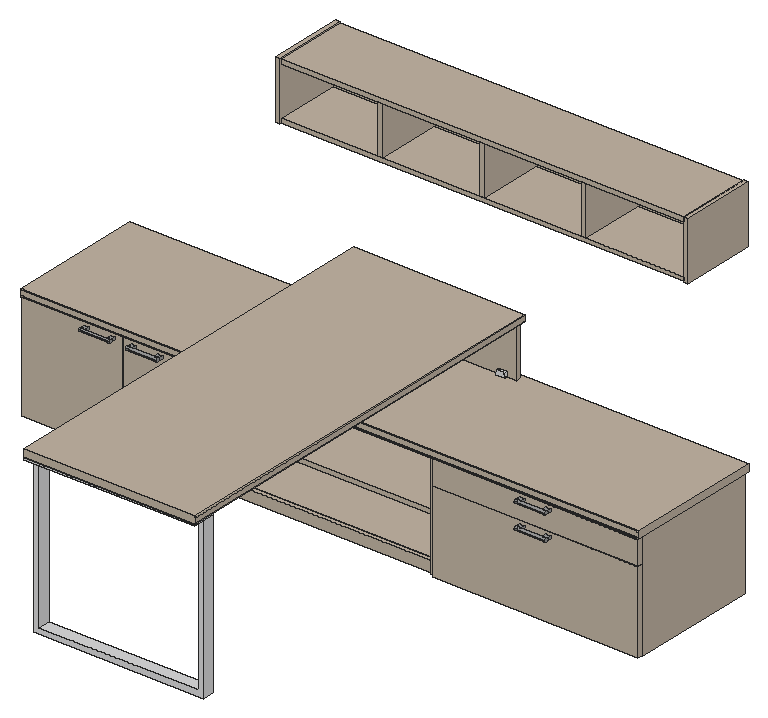
Revit family "JSI-Vision-Typical_Laminate-VST120", category Furniture, Revit 2020
Family settings
  OmniClass Number = 23.40.20.00
  OmniClass Title = General Furniture and Specialties
  Work Plane-Based = No
  Always vertical = Yes
  Cut with Voids When Loaded = No
  Shared = No
  Room Calculation Point = No
Parameters (values of type "VST120")
  URL = "www.jsifurniture.com"
  Type Comments = "Typical Laminate"  # constant formula
  Model = "VST120"
  Manufacturer = "JSI"  # constant formula
  Keynote = "12500"
  Default Elevation = 0"
  Assembly Code = "E2020200"
Reference planes (in)
  plane 1 "Center Front/Back": y = 0
  plane 2: z = 0
  plane 3 "Center Left/Right": x = 0
Dimensions and locks (in)
  aligned and locked: level to plane 2
Nested families (in)
  nested 1: "JSI-Vision-Wall_Mount_Cubby" at (-18.125, 0, -7.83825), type "VST1072WCU, Laminate Wall Mount Cubby 10" x 72""
    with Overall Height 72", Verticall Partition Distance 17 13/16", Ver. Partition Start Distance 17 13/16", Unit Centre 36", Width 72", Overhead Height 0.0696", Height 10.068", Depth 12.996", # of Vertical Partition 3
  nested 2: "JSI-Vision-Rectangle_Desk_Top" at (-15, -72, -1.5685) x (0, 1, 0) z (0, 0, 1), type "VST3072MCT, Laminate Rectangular Desk Top, 30" x 72""
    with Width 72"
  nested 3: "JSI-Vision-Bench_Height_Support_with_Metal_Braces" at (14.96708, -0.8125, 0.4315) x (0, -1, 0) z (0, 0, 1), type "VSTB1030ASP, Vision Bench Height Support with Metal Braces 8 1/2"H, 30"W"
  nested 4: "JSI-Vision-Bench_Height_Modular_Top" at (-54, 0, -0.756), type "VSTB24108MT, Laminate Mod Bench H Top, 24" x 108""
    with Width 108", Depth 24"
  nested 5: "JSI-Vision-Box_File_Modular_Bench_Pedestal" at (18, 0, 0), type "VSTB2436MBF, Laminate BF Modular Bench H Ped"
    with Width 36", Height 18.744", Depth 24"
  nested 6: "JSI-Vision-Hinged_Door_Modular_Bench_Pedestal" at (-54, 0, 0), type "VSTB2436MHD, Laminate 2 Hngd Doors Modular Bench H Ped"
    with Width 36", Height 18.744", Depth 24"
  nested 7: "JSI-Vision-Open_Shelf_Modular_Bench_Pedestal" at (-18, 0, 0), type "VSTB2436MOS, Laminate OS Modular Bench H Ped"
    with Width 36", Height 18.744", Depth 24"
  nested 8: "JSI-Vision-Metal_Rectangular_Base" at (-14.90625, -69, 0) x (0, 1, 0) z (0, 0, 1), type "VSB3028FSQ, Metal Rectangular Base for Peninsula 28 5/16"H"
  nested 9: "JSI-Vision-Support_Rail_Work_Surface" at (-1, -65.57047, 0.61928) x (0, 1, 0) z (0, 0, 1), type "GP0255SB, Metal Support Rail for Work Surface  2W 55 L 3/4H"
Definition of nested family "JSI-Vision-Wall_Mount_Cubby"
  Parameters (values of type "Type Catalog")
    Verticall Partition Distance = if(Width > 47", ((Width - 3/4" - 3/4" - (# of Vertical Partition * 3/4")) / (# of Vertical Partition + 1) + 3/4"), 0")  # 17 3/4"
    Ver. Partition Start Distance = if(Width < 48", (Unit Centre - 3/8"), Verticall Partition Distance)  # 17 3/4"
    Unit Centre = Width / 2  # 27"
    Width = 54"
    URL = "www.jsifurniture.com"
    Type Comments = ""
    Tag = "Open"
    Series = "Vision Casegoods"  # constant formula
    Overhead Height = 1/16"
    Overall Height [instance] = 72"
    Model = "Type Catalog"
    Material = ""
    Manufacturer = "JSI"  # constant formula
    Keynote = "12500"
    JSI Enviromental Website = "http://www.svxfurniture.com/svx_sustainability_intro.php"
    Height = 10"
    Description = "Type Catalog"
    Depth = 13"
    Default Elevation = 0"
    Chassis = none
    Assembly Code = "E2020200"
    # of Vertical Partition = if(Width > 89", 5, (if(Width > 77", 4, (if(Width > 59", 3, (if(Width > 47", 2, 2)))))))  # 2
  Reference planes (in)
    plane 1 "Center Front/Back": y = 0
    plane 2: z = 0
    plane 3 "Center Left/Right": x = 0
    plane 4: z = 0
    plane 5: y = -0.125
    plane 6: x = 54.25
    plane 7: x = 0.125
    plane 8: x = 54.125
    plane 9: y = -13.21875
    plane 10: z = 72
    plane 11: x = 0.875
    plane 12: x = 53.375
    plane 13: y = -0.9375
    plane 14: y = -1.6875
    plane 15: z = 71.1875
    plane 16: z = 61.9375
    plane 17: z = 62.6875
    plane 18: z = 61.90625
    plane 19: z = 66
    plane 20: z = 68.1875
    plane 21: z = 69
    plane 22: x = 1.5
    plane 23: x = 52.75
    plane 24: y = -13.125
    plane 25: x = 27.125
    plane 26: z = 71.9375
    plane 27: z = 71.90625
    plane 28: x = 17.875
    plane 29: x = 18.25
    plane 30: x = 18.625
    plane 31: x = 0.5
    plane 32: x = 53.75
  Forms (in)
    Extrusion 1, solid, material <- "Chassis"
      sketch origin (0, 0, 0) x (1, 0, 0) y (0, 1, 0)
        loop
          line (0.125, -0.125) -> (0.125, -13.21875) -> (0.875, -13.21875) -> (0.875, -0.125) -> (0.125, -0.125)
      from 61.90625 to 72
    Extrusion 2, solid, material <- "Chassis"
      sketch origin (0, 0, 0) x (1, 0, 0) y (0, 1, 0)
        loop
          line (54.125, -0.125) -> (53.375, -0.125) -> (53.375, -13.21875) -> (54.125, -13.21875) -> (54.125, -0.125)
      from 61.90625 to 72
    Extrusion 3, solid, material <- "Chassis"
      sketch origin (0, 0, 0) x (1, 0, 0) y (0, 0, 1)
        loop
          line (0.875, 71.9375) -> (0.875, 71.1875) -> (53.375, 71.1875) -> (53.375, 71.9375) -> (0.875, 71.9375)
      from 0.125 to 13.125
    Extrusion 4, solid, material <- "Chassis"
      sketch origin (0, 0, 0) x (1, 0, 0) y (0, 0, 1)
        loop
          line (0.875, 62.6875) -> (0.875, 61.9375) -> (53.375, 61.9375) -> (53.375, 62.6875) -> (0.875, 62.6875)
      from 1.6875 to 13.125
    Extrusion 5, solid, material <- "Chassis"
      sketch origin (130.61992, -0.9375, 48) x (1, 0, 0) y (0, 0, 1)
        loop
          line (-129.74492, 23.1875) -> (-129.74492, 13.9375) -> (-77.24492, 13.9375) -> (-77.24492, 23.1875) -> (-129.74492, 23.1875)
      from 0 to 0.75
    Extrusion 6, solid, material <- "Chassis"
      sketch origin (1.5, -180, 96) x (0, 0, 1) y (0, -1, 0)
        loop
          line (-24.8125, -179.875) -> (-24.8125, -179.0625) -> (-27, -179.0625) -> (-27.8125, -179.875) -> (-24.8125, -179.875)
      from -0.625 to 51.875
    Extrusion 7, solid, material <- "Chassis"
      sketch origin (1.5, -180, 96) x (0, 0, 1) y (0, -1, 0)
        loop
          line (-27, -179.0625) -> (-30, -179.0625) -> (-30, -179.875) -> (-27.8125, -179.875) -> (-27, -179.0625)
      from 0 to 51.25
    Extrusion 8, solid, material <- "Chassis"
      sketch origin (136.18242, -1.6875, 79.90625) x (1, 0, 0) y (0, 0, 1)
        loop
          line (-118.30742, -8.71875) -> (-118.30742, -17.21875) -> (-117.55742, -17.21875) -> (-117.55742, -8.71875) -> (-118.30742, -8.71875)
      from 0 to 11.4375
    Extrusion 9, solid, material <- "Chassis"
      sketch origin (153.93242, -1.6875, 79.90625) x (1, 0, 0) y (0, 0, 1)
        loop
          line (-118.30742, -8.71875) -> (-118.30742, -17.21875) -> (-117.55742, -17.21875) -> (-117.55742, -8.71875) -> (-118.30742, -8.71875)
      from 0 to 11.4375
  Lines and regions (in)
    symbolic lines
      curve 1: line (54.125, -0.125, 0) -> (0.125, -0.125, 0)
      curve 2: line (0.125, -0.125, 0) -> (0.125, -13.21875, 0)
      curve 3: line (54.125, -13.21875, 0) -> (54.125, -0.125, 0)
      curve 4: line (0.125, -13.21875, 0) -> (54.125, -13.21875, 0)
  Dimensions and locks (in)
    locked: plane 3 "Center Left/Right" to plane 7 at 0.125
    locked: plane 8 to plane 6 at 0.125
    locked: plane 5 to plane 1 "Center Front/Back" at 0.125
    locked: plane 7 to plane 11 at 0.75
    locked: plane 12 to plane 8 at 0.75
    plane 14 to plane 13 to plane 5 = 3/4" locked, 13/16" locked
    plane 10 to plane 26 to plane 15 = 1/16" locked, 3/4" locked
    plane 17 to plane 16 to plane 18 = 3/4" locked, 1/32" locked
    locked: plane 11 to plane 22 at 0.625
    locked: plane 23 to plane 12 at 0.625
    plane 15 to plane 21 to plane 20 to plane 19 = 2 3/16" locked, 13/16" locked, 2 3/16" locked
    locked: plane 9 to plane 24 at 0.09375
    "Depth": plane 24 to plane 5
    "Width": plane 7 to plane 8
    "Unit Centre": plane 7 to plane 25
    locked: plane 10 to plane 27 at 0.09375
    "Height": plane 27 to plane 18
    plane 28 to plane 29 to plane 30 = 3/8" locked, 3/8" locked
    locked: plane 7 to plane 31 at 0.375
    locked: plane 32 to plane 8 at 0.375
    group 1 to group 2 = 17 3/4"
    group 1 to group 2 = 0"  (x2)
    "Verticall Partition Distance": Extrusion 8 to Extrusion 9
    "Ver. Partition Start Distance": plane 11 to plane 30
    "Overall Height": plane 10 to level
    aligned and locked: level to plane 2
    aligned and locked: plane 5 to Extrusion 1 sketch curve
    aligned and locked: plane 7 to Extrusion 1 sketch curve
    aligned and locked: Extrusion 1 sketch curve to plane 11
    aligned and locked: Extrusion 2 sketch curve to plane 5
    aligned and locked: plane 8 to Extrusion 2 sketch curve
    aligned and locked: Extrusion 2 sketch curve to plane 12
    aligned and locked: plane 9 to Extrusion 1
    aligned and locked: plane 9 to Extrusion 2
    aligned and locked: Extrusion 4 sketch curve to plane 17
    aligned and locked: plane 11 to Extrusion 4 sketch curve
    aligned and locked: plane 16 to Extrusion 4 sketch curve
    aligned and locked: Extrusion 4 sketch curve to plane 12
    aligned and locked: Extrusion 4 to plane 14
    aligned and locked: Extrusion 1 to Extrusion 5 sketch curve
    aligned and locked: Extrusion 2 to Extrusion 5 sketch curve
    aligned and locked: Extrusion 1 to plane 18
    aligned and locked: Extrusion 2 to plane 18
    aligned and locked: plane 5 to Extrusion 6 sketch curve
    aligned and locked: Extrusion 6 sketch curve to plane 13
    aligned and locked: Extrusion 6 sketch curve to plane 15
    aligned and locked: plane 20 to Extrusion 6 sketch curve
    aligned and locked: plane 21 to Extrusion 6 sketch curve
    aligned and locked: Extrusion 6 to plane 11
    aligned and locked: plane 12 to Extrusion 6
    aligned and locked: Extrusion 7 sketch curve to Extrusion 6
    aligned and locked: Extrusion 7 sketch curve to plane 5
    aligned and locked: plane 13 to Extrusion 7 sketch curve
    aligned and locked: Extrusion 7 sketch curve to plane 19
    aligned and locked: plane 21 to Extrusion 7 sketch curve
    aligned and locked: plane 20 to Extrusion 7 sketch curve
    aligned and locked: Extrusion 7 to plane 22
    aligned and locked: plane 23 to Extrusion 7
    aligned and locked: plane 9 to nested 1
    aligned and locked: plane 10 to Extrusion 1
    aligned and locked: plane 10 to Extrusion 2
    aligned and locked: plane 26 to Extrusion 3
    aligned and locked: Extrusion 3 to plane 15
    aligned and locked: plane 24 to Extrusion 3
    aligned and locked: plane 24 to Extrusion 4
    aligned and locked: Extrusion 5 to plane 16
    aligned and locked: Extrusion 3 to plane 5
    aligned and locked: Extrusion 8 to plane 14
    aligned and locked: plane 24 to Extrusion 8
    aligned and locked: plane 30 to Extrusion 8
    aligned and locked: Extrusion 8 to plane 28
    aligned and locked: plane 15 to Extrusion 8
    aligned and locked: plane 15 to Extrusion 9
    aligned and locked: plane 25 to nested 1
  Automatic sketch dimensions
    Extrusion 3 sketch curve to plane 8 = 3/4"
    Extrusion 3 sketch curve to plane 15 = 0"
    plane 9 to Extrusion 2 sketch curve = 0"
    plane 9 to Extrusion 1 sketch curve = 0"
    curve 2 to plane 7 = 0"
    plane 5 to curve 3 = 0"
    curve 3 to plane 8 = 0"
    plane 9 to curve 4 = 0"
    plane 7 to Extrusion 3 sketch curve = 3/4"
    plane 15 to Extrusion 5 sketch curve = 0"
    Extrusion 3 sketch curve to plane 10 = 1/16"
    Extrusion 8 sketch curve to Extrusion 8 sketch curve = 3/4"
    Extrusion 8 sketch curve to Extrusion 8 sketch curve = 8 1/2"
    Extrusion 9 sketch curve to Extrusion 9 sketch curve = 3/4"
    Extrusion 9 sketch curve to Extrusion 9 sketch curve = 8 1/2"
    Extrusion 5 sketch curve to plane 16 = 0"
  Nested families (in)
    nested 1: "Label 1-16 OH" at (27.125, -13.21875, 0), type "OH DOORS"
  Definition of nested family "Label 1-16 OH"
    Parameters
      Width = 1"
      Model Name = "XX"
    Reference planes (in)
      plane 1: y = 0
      plane 2: x = 0
    Text (in)
      label "XX" at (0.00051, -0.12324, 0), shows "Model Name"
Definition of nested family "JSI-Vision-Rectangle_Desk_Top"
  Parameters (values of type "Type Catalog")
    Worksurface = none
    Width = 42"
    URL = "www.jsifurniture.com"
    Type Comments = ""
    Series = "Vision Casegoods"  # constant formula
    Model = "Type Catalog"
    Material = ""
    Manufacturer = "JSI"  # constant formula
    Keynote = "12500"
    JSI Enviromental Website = "http://www.jsifurniture.com/jsi_sustainability_intro.php"
    Height = 30"
    Description = "Type Catalog"
    Depth = 30"
    Default Elevation = 0"
    Assembly Code = "E2020200"
  Reference planes (in)
    plane 1 "Center Front/Back": y = 0
    plane 2: z = 0
    plane 3 "Center Left/Right": x = 0
    plane 4: z = 0
    plane 5: x = 42
    plane 6: y = -30
    plane 7: z = 31.1875
    plane 8: z = 30
  Forms (in)
    Extrusion 1, solid, material <- "Worksurface"
      sketch origin (0, 0, 28) x (0, 1, 0) y (0, 0, 1)
        loop
          line (-29.88189, 2) -> (0, 2) -> (0, 3.1875) -> (-29.88189, 3.1875)
          arc (-29.88189, 3.1875) -> (-29.96541, 3.15291) -> (-30, 3.06939) r 0.11811
          line (-30, 3.06939) -> (-30, 2.11811)
          arc (-30, 2.11811) -> (-29.96541, 2.03459) -> (-29.88189, 2) r 0.11811
      from 0 to 42
  Lines and regions (in)
    symbolic lines
      curve 1: line (0, 0, 0) -> (42, 0, 0)
      curve 2: line (0, -30, 0) -> (0, 0, 0)
      curve 3: line (42, -30, 0) -> (0, -30, 0)
      curve 4: line (42, 0, 0) -> (42, -30, 0)
  Dimensions and locks (in)
    "Depth": plane 6 to plane 1 "Center Front/Back"
    "Width": plane 5 to plane 3 "Center Left/Right"
    locked: plane 7 to plane 8 at 1.1875
    "Height": plane 8 to level
    aligned and locked: level to plane 2
    aligned and locked: plane 5 to Extrusion 1
    aligned and locked: curve 1 to Extrusion 1
    aligned and locked: curve 2 to Extrusion 1
    aligned and locked: plane 6 to curve 3
    aligned and locked: curve 4 to plane 5
    aligned and locked: Extrusion 1 to plane 8
    aligned and locked: Extrusion 1 to plane 7
  Automatic sketch dimensions
    Extrusion 1 sketch curve to plane 6 = 0"
    level to Extrusion 1 sketch curve = 30"
    Extrusion 1 sketch curve to plane 7 = 0"
    Extrusion 1 sketch curve to plane 1 "Center Front/Back" = 0"
    Extrusion 1 sketch curve to Extrusion 1 sketch curve = 0.11811"
    plane 6 to Extrusion 1 sketch curve = 0.11811"
Definition of nested family "JSI-Vision-Bench_Height_Support_with_Metal_Braces"
  Parameters (values of type "VSVB1030ASP, Vision Bench Height Support with Metal Braces 8 1/2"H, 30"W")
    Width = 30"
    URL = "www.jsifurniture.com"
    Type Comments = ""
    Support Wood Finish = none
    Series = "Vision Casegoods"  # constant formula
    Model = "VSVB1030ASP"
    Material = ""
    Manufacturer = "JSI"  # constant formula
    Keynote = "12500"  # constant formula
    JSI Enviromental Website = "http://www.jsifurniture.com/jsi_sustainability_intro.php"
    Height = 8 1/2"
    Hardware Finish = none
    Description = "Vision Bench Height Support Venner with Metal Braces -  3/4\"D x 30\"W x 8 1/2\"H"
    Depth = 3/4"
    Default Elevation = 0"
    Braces Finish = none
    Assembly Code = "E2020200"
  Types (4): name | Width | Model | Description
    VSTB1030ASP, Vision Bench Height Support with Metal Braces 8 1/2"H, 30"W | 30" | "VSTB1030ASP" | "Vision Bench Height Support Laminate with Metal Braces -  3/4\"D x 30\"W x 8 1/2\"H"
    VSTB1024ASP, Vision Bench Height Support with Metal Braces 8 1/2"H, 30"W | 24" | "VSTB1024ASP" | "Vision Bench Height Support Laminate with Metal Braces -  3/4\"D x 24\"W x 8 1/2\"H"
    VSVB1024ASP, Vision Bench Height Support with Metal Braces 8 1/2"H, 30"W | 24" | "VSVB1024ASP" | "Vision Bench Height Support Venner with Metal Braces -  3/4\"D x 24\"W x 8 1/2\"H"
    VSVB1030ASP, Vision Bench Height Support with Metal Braces 8 1/2"H, 30"W | 30" | "VSVB1030ASP" | "Vision Bench Height Support Venner with Metal Braces -  3/4\"D x 30\"W x 8 1/2\"H"
  Reference planes (in)
    plane 1 "Center Front/Back": y = 0
    plane 2: z = 0
    plane 3 "Center Left/Right": x = 0
    plane 4: z = 0
    plane 5: z = 19.5
    plane 6: z = 28
    plane 7: x = 0.75
    plane 8: y = -30
    plane 9: y = -15
    plane 10: y = -15
  Forms (in)
    Extrusion 1, solid, material <- "Support Wood Finish"
      sketch origin (0, 0, 0) x (1, 0, 0) y (0, 1, 0)
        loop
          line (0, -0.1875) -> (0, -29.8125) -> (0.75, -29.8125) -> (0.75, -0.1875) -> (0, -0.1875)
      from 19.5 to 28
    Extrusion 2, solid, material <- "Hardware Finish"
      sketch origin (0, 0, 0) x (0, 1, 0) y (0, 0, 1)
        loop
          arc (-1.86564, 19.52497) -> (-1.84252, 19.53472) -> (-1.83336, 19.55808) r 0.03229
          arc (-1.83336, 19.55808) -> (-1.86769, 19.88335) -> (-1.95317, 20.19905) r 2.05609
          arc (-1.95317, 20.19905) -> (-2.03253, 20.3101) -> (-2.15839, 20.36291) r 0.25
          arc (-2.15839, 20.36291) -> (-2.62208, 20.39096) -> (-3.08578, 20.36291) r 3.84687
          arc (-3.08578, 20.36291) -> (-3.21163, 20.3101) -> (-3.29099, 20.19905) r 0.25
          arc (-3.29099, 20.19905) -> (-3.37647, 19.88335) -> (-3.4108, 19.55808) r 2.05609
          arc (-3.4108, 19.55808) -> (-3.40165, 19.53472) -> (-3.37853, 19.52497) r 0.03229
          line (-3.37853, 19.52497) -> (-1.86564, 19.52497)
        loop
          line (-28.13436, 19.52497) -> (-26.62147, 19.52497)
          arc (-26.62147, 19.52497) -> (-26.59835, 19.53472) -> (-26.5892, 19.55808) r 0.03229
          arc (-26.5892, 19.55808) -> (-26.62353, 19.88335) -> (-26.70901, 20.19905) r 2.05609
          arc (-26.70901, 20.19905) -> (-26.78837, 20.3101) -> (-26.91422, 20.36291) r 0.25
          arc (-26.91422, 20.36291) -> (-27.37792, 20.39096) -> (-27.84161, 20.36291) r 3.84687
          arc (-27.84161, 20.36291) -> (-27.96747, 20.3101) -> (-28.04683, 20.19905) r 0.25
          arc (-28.04683, 20.19905) -> (-28.13231, 19.88335) -> (-28.16664, 19.55808) r 2.05609
          arc (-28.16664, 19.55808) -> (-28.15748, 19.53472) -> (-28.13436, 19.52497) r 0.03229
      from 0.75 to 1.30712
    Extrusion 3, solid, material <- "Braces Finish"
      sketch origin (0, 0, 0) x (0, 1, 0) y (0, 0, 1)
        loop
          line (-10.4375, 25.78125) -> (-10.4375, 27.875)
          arc (-10.4375, 27.875) -> (-10.47411, 27.96339) -> (-10.5625, 28) r 0.125
          line (-10.5625, 28) -> (-11.3125, 28) -> (-11.3125, 27.943) -> (-10.55504, 27.943)
          arc (-10.55504, 27.943) -> (-10.51223, 27.92527) -> (-10.4945, 27.88246) r 0.06054
          line (-10.4945, 27.88246) -> (-10.4945, 25.78125) -> (-10.4375, 25.78125)
        loop
          line (-19.5625, 25.78125) -> (-19.5055, 25.78125) -> (-19.5055, 27.88246)
          arc (-19.5055, 27.88246) -> (-19.48777, 27.92527) -> (-19.44496, 27.943) r 0.06054
          line (-19.44496, 27.943) -> (-18.6875, 27.943) -> (-18.6875, 28) -> (-19.4375, 28)
          arc (-19.4375, 28) -> (-19.52589, 27.96339) -> (-19.5625, 27.875) r 0.125
          line (-19.5625, 27.875) -> (-19.5625, 25.78125)
      from 0.75 to 2.96875
    Extrusion 4, solid, material <- "Braces Finish"
      sketch origin (0, 0, 0) x (1, 0, 0) y (0, 1, 0)
        loop
          line (0.807, -10.4945) -> (0.75, -10.4945) -> (0.75, -11.3125) -> (0.807, -11.3125) -> (0.807, -10.4945)
        loop
          line (0.807, -19.5055) -> (0.807, -18.6875) -> (0.75, -18.6875) -> (0.75, -19.5055) -> (0.807, -19.5055)
      from 25.78125 to 27.75
    Extrusion 5, void
      sketch origin (0, 3, 0) x (1, 0, 0) y (0, 0, 1)
        loop
          line (2.96875, 28) -> (0.75, 25.78125) -> (0.75, 25.71714) -> (3.02938, 25.71714) -> (3.02938, 28) -> (2.96875, 28)
      from 12.98977 to 14.8125
    Extrusion 6, void
      sketch origin (0, -27, 0) x (1, 0, 0) y (0, 0, -1)
        loop
          line (2.96875, -28) -> (3.02938, -28) -> (3.02938, -25.71714) -> (0.75, -25.71714) -> (0.75, -25.78125) -> (2.96875, -28)
      from 6.98977 to 8.8125
  Cuts and joins
    Extrusion 5, Extrusion 6 cuts Extrusion 3
    joined: Extrusion 3, Extrusion 4
  Lines and regions (in)
    symbolic lines
      curve 1: line (0, -0.1875, 0) -> (0.75, -0.1875, 0)
      curve 2: line (0, -29.8125, 0) -> (0, -0.1875, 0)
      curve 3: line (0.75, -29.8125, 0) -> (0, -29.8125, 0)
      curve 4: line (0.75, -0.1875, 0) -> (0.75, -29.8125, 0)
      curve 5: line (0.75, -1.83336, 0) -> (1.30712, -1.83336, 0)
      curve 6: line (1.30712, -1.83336, 0) -> (1.30712, -3.4108, 0)
      curve 7: line (1.30712, -3.4108, 0) -> (0.75, -3.4108, 0)
      curve 8: line (0.75, -26.5892, 0) -> (1.30712, -26.5892, 0)
      curve 9: line (1.30712, -26.5892, 0) -> (1.30712, -28.16665, 0)
      curve 10: line (1.30712, -28.16665, 0) -> (0.75, -28.16665, 0)
      curve 11: line (2.96875, -18.6875, 0) -> (0.75, -18.6875, 0)
      curve 12: line (2.96875, -19.44805, 0) -> (2.96875, -18.6875, 0)
      curve 13: spline (2.84403, -19.5599, 0) -> (2.8574, -19.56165, 0) -> (2.87081, -19.56114, 0) -> (2.88409, -19.55836, 0) -> (2.89704, -19.55337, 0) -> (2.90947, -19.54623, 0) -> (2.92122, -19.53704, 0) -> (2.9321, -19.52593, 0) -> (2.94197, -19.51307, 0) -> (2.95069, -19.49864, 0) -> (2.95812, -19.48284, 0) -> (2.96417, -19.46589, 0) -> (2.96875, -19.44805, 0)
      curve 14: line (0.75, -19.5625, 0) -> (2.84375, -19.5625, 0)
      curve 15: line (2.84375, -10.4375, 0) -> (0.75, -10.4375, 0)
      curve 16: spline (2.96875, -10.55195, 0) -> (2.96417, -10.53411, 0) -> (2.95812, -10.51716, 0) -> (2.95069, -10.50136, 0) -> (2.94197, -10.48693, 0) -> (2.9321, -10.47407, 0) -> (2.92122, -10.46296, 0) -> (2.90947, -10.45377, 0) -> (2.89704, -10.44663, 0) -> (2.88409, -10.44164, 0) -> (2.87081, -10.43886, 0) -> (2.8574, -10.43835, 0) -> (2.84403, -10.4401, 0)
      curve 17: line (2.96875, -11.3125, 0) -> (2.96875, -10.55195, 0)
      curve 18: line (0.75, -11.3125, 0) -> (2.96875, -11.3125, 0)
  Dimensions and locks (in)
    "Depth": plane 3 "Center Left/Right" to plane 7
    "Width": plane 1 "Center Front/Back" to plane 8
    locked: Extrusion 1 sketch curve to plane 1 "Center Front/Back" at 0.1875
    locked: Extrusion 1 sketch curve to plane 8 at 0.1875
    "Height": plane 6 to plane 5
    locked: plane 5 to plane 4 at 19.5
    plane 1 "Center Front/Back" to Extrusion 2 sketch curve to Extrusion 2 sketch curve to Extrusion 2 sketch curve to Extrusion 2 sketch curve to Extrusion 2 sketch curve to Extrusion 2 sketch curve to Extrusion 2 sketch curve = 1.35538" locked, 0.51026" locked, 0.32289" locked, 0.43356" locked, 0.43356" locked, 0.32289" locked, 0.51026" locked
    Extrusion 2 sketch curve to Extrusion 2 sketch curve to Extrusion 2 sketch curve to plane 5 to Extrusion 2 sketch curve = 0.55747" locked, 0.05169" locked, 0.00556" locked, 2.95591" locked  (x2)
    Extrusion 2 sketch curve to Extrusion 2 sketch curve to Extrusion 2 sketch curve to Extrusion 2 sketch curve to Extrusion 2 sketch curve to Extrusion 2 sketch curve to Extrusion 2 sketch curve to plane 8 = 0.51026" locked, 0.32289" locked, 0.43356" locked, 0.43356" locked, 0.32289" locked, 0.51026" locked, 1.35538" locked
    locked: Extrusion 2 to plane 7 at 0.55712
    locked: Extrusion 3 to plane 7 at 2.21875
    locked: Extrusion 1 to Extrusion 4 sketch curve at 0.057
    Extrusion 3 sketch curve to Extrusion 3 sketch curve to Extrusion 3 sketch curve to plane 10 to Extrusion 3 sketch curve to Extrusion 3 sketch curve to Extrusion 3 sketch curve = 0.057" locked, 0.818" locked, 3 11/16" locked, 3 11/16" locked, 0.818" locked, 0.057" locked
    plane 6 to Extrusion 3 sketch curve to Extrusion 3 sketch curve = 0.057" locked, 2.16175" locked
    Extrusion 4 sketch curve to Extrusion 4 sketch curve to plane 9 to Extrusion 4 sketch curve to Extrusion 4 sketch curve = 0.818" locked, 3 11/16" locked, 3 11/16" locked, 0.818" locked
    equal spacing: plane 8, plane 9, plane 1 "Center Front/Back"
    equal spacing: plane 8, plane 10, plane 1 "Center Front/Back"
    Extrusion 5 to Extrusion 5 to plane 10 to Extrusion 6 to Extrusion 6 = 1.82273" locked, 3 3/16" locked, 3 3/16" locked, 1.82273" locked
    aligned and locked: level to plane 2
    aligned and locked: plane 3 "Center Left/Right" to Extrusion 1 sketch curve
    aligned and locked: plane 7 to Extrusion 1 sketch curve
    aligned and locked: plane 6 to Extrusion 1
    aligned and locked: Extrusion 1 to plane 5
    aligned and locked: plane 7 to Extrusion 2
    aligned and locked: plane 7 to Extrusion 3
    aligned and locked: Extrusion 4 sketch curve to Extrusion 1
    aligned and locked: Extrusion 4 to Extrusion 3
    aligned and locked: plane 6 to Extrusion 3 sketch curve
    aligned and locked: Extrusion 3 sketch curve to plane 6
    aligned and locked: Extrusion 3 sketch curve to Extrusion 3 sketch curve
    aligned and locked: curve 1 to Extrusion 1
    aligned and locked: curve 2 to Extrusion 1
    aligned and locked: curve 3 to Extrusion 1
    aligned and locked: curve 4 to Extrusion 1
    aligned and locked: curve 11 to cut or joined group of Extrusion 3, Extrusion 4, Extrusion 5, Extrusion 6
    aligned and locked: curve 14 to cut or joined group of Extrusion 3, Extrusion 4, Extrusion 5, Extrusion 6
    aligned and locked: cut or joined group of Extrusion 3, Extrusion 4, Extrusion 5, Extrusion 6 to curve 15
    aligned and locked: curve 18 to cut or joined group of Extrusion 3, Extrusion 4, Extrusion 5, Extrusion 6
  Automatic sketch dimensions
    curve 8 to curve 9 = 0.55712"
    curve 7 to curve 7 = 0.55712"
    curve 11 to curve 11 = 2 7/32"
    curve 3 to curve 10 = 1.64585"
    curve 9 to curve 8 = 1.57745"
    curve 14 to curve 12 = 0.11445"
    curve 17 to curve 15 = 0.11445"
    curve 7 to curve 1 = 3.2233"
    curve 6 to curve 5 = 1.57744"
    curve 14 to curve 12 = 1/8"
    curve 15 to curve 16 = 1/8"
    curve 14 to curve 13 = 0.00028"
    curve 15 to curve 16 = 0.00028"
    curve 16 to curve 16 = 0.01703"
    curve 13 to curve 13 = 0.01703"
    curve 14 to curve 13 = 0.00076"
    curve 14 to curve 13 = 0.0026"
    curve 16 to curve 16 = 0.04517"
    curve 16 to curve 15 = 0.0026"
    plane 5 to Extrusion 2 sketch curve = 0.00556"  (x2)
    plane 5 to Extrusion 2 sketch curve = 0.02497"  (x2)
    Extrusion 2 sketch curve to Extrusion 2 sketch curve = 0.03229"  (x2)
    plane 5 to Extrusion 2 sketch curve = 0.61473"  (x2)
    Extrusion 2 sketch curve to Extrusion 2 sketch curve = 0"  (x10)
    Extrusion 3 sketch curve to plane 6 = 0.057"
    Extrusion 3 sketch curve to Extrusion 3 sketch curve = 0.06054"
    Extrusion 3 sketch curve to Extrusion 3 sketch curve = 0.00746"  (x2)
    Extrusion 3 sketch curve to Extrusion 3 sketch curve = 0.068"
    Extrusion 4 sketch curve to plane 7 = 0"
    Extrusion 4 sketch curve to plane 7 = 0.057"
    plane 7 to Extrusion 5 sketch curve = 0"
    Extrusion 5 sketch curve to plane 6 = 0"
    Extrusion 5 sketch curve to plane 7 = 2 7/32"
    Extrusion 5 sketch curve to Extrusion 5 sketch curve = 0.06063"
    Extrusion 5 sketch curve to plane 6 = 2 7/32"
    Extrusion 5 sketch curve to Extrusion 5 sketch curve = 0.06411"
    plane 7 to Extrusion 6 sketch curve = 0"
    Extrusion 6 sketch curve to plane 6 = 0"
    Extrusion 6 sketch curve to plane 7 = 2 7/32"
    Extrusion 6 sketch curve to Extrusion 6 sketch curve = 0.06063"
    Extrusion 6 sketch curve to plane 6 = 2 7/32"
    Extrusion 6 sketch curve to Extrusion 6 sketch curve = 0.06411"
    curve 18 to curve 17 = 2 7/32"
Definition of nested family "JSI-Vision-Bench_Height_Modular_Top"
  Parameters (values of type "Type Catalog")
    Worksurface = none
    Width = 42"
    URL = "www.jsifurniture.com"
    Type Comments = ""
    Series = "Vision Casegoods"  # constant formula
    Model = "Type Catalog"
    Material = ""
    Manufacturer = "JSI"  # constant formula
    Keynote = "12500"
    JSI Enviromental Website = "http://www.jsifurniture.com/jsi_sustainability_intro.php"
    Height = 19 1/2"
    Description = "Type Catalog"
    Depth = 30"
    Default Elevation = 0"
    Assembly Code = "E2020200"
  Reference planes (in)
    plane 1 "Center Front/Back": y = 0
    plane 2: z = 0
    plane 3 "Center Left/Right": x = 0
    plane 4: z = 0
    plane 5: x = 42
    plane 6: y = -30
    plane 7: z = 20.6875
    plane 8: z = 19.5
  Forms (in)
    Extrusion 1, solid, material <- "Worksurface"
      sketch origin (0, 0, 28) x (0, 1, 0) y (0, 0, 1)
        loop
          line (-29.88189, -8.5) -> (0, -8.5) -> (0, -7.3125) -> (-29.88189, -7.3125)
          arc (-29.88189, -7.3125) -> (-29.96541, -7.34709) -> (-30, -7.43061) r 0.11811
          line (-30, -7.43061) -> (-30, -8.38189)
          arc (-30, -8.38189) -> (-29.96541, -8.46541) -> (-29.88189, -8.5) r 0.11811
      from 0 to 42
  Lines and regions (in)
    symbolic lines
      curve 1: line (0, 0, 0) -> (42, 0, 0)
      curve 2: line (0, -30, 0) -> (0, 0, 0)
      curve 3: line (42, -30, 0) -> (0, -30, 0)
      curve 4: line (42, 0, 0) -> (42, -30, 0)
  Dimensions and locks (in)
    "Depth": plane 6 to plane 1 "Center Front/Back"
    "Width": plane 5 to plane 3 "Center Left/Right"
    locked: plane 7 to plane 8 at 1.1875
    "Height": plane 8 to level
    aligned and locked: level to plane 2
    aligned and locked: plane 5 to Extrusion 1
    aligned and locked: curve 1 to Extrusion 1
    aligned and locked: curve 2 to Extrusion 1
    aligned and locked: plane 6 to curve 3
    aligned and locked: curve 4 to plane 5
    aligned and locked: Extrusion 1 to plane 8
    aligned and locked: Extrusion 1 to plane 7
  Automatic sketch dimensions
    Extrusion 1 sketch curve to plane 6 = 0"
    level to Extrusion 1 sketch curve = 19 1/2"
    Extrusion 1 sketch curve to plane 7 = 0"
    Extrusion 1 sketch curve to plane 1 "Center Front/Back" = 0"
    Extrusion 1 sketch curve to Extrusion 1 sketch curve = 0.11811"
    plane 6 to Extrusion 1 sketch curve = 0.11811"
Definition of nested family "JSI-Vision-Box_File_Modular_Bench_Pedestal"
  Parameters (values of type "Type Catalog")
    Width = 18"
    URL = "www.jsifurniture.com"
    Top = none
    Tag = "BF"
    Series = "Vision Casegoods"  # constant formula
    Pull Finish = none
    Model = "Type Catalog"
    Manufacturer = "JSI"  # constant formula
    Keynote = "12500"
    JSI Enviromental Website = "http://www.jsifurniture.com/jsi_sustainability_intro.php"
    Height = 18 3/4"
    Description = "Type Catalog"
    Depth = 18"
    Default Elevation = 0"
    Chassis = none
    Drawer Front = none
    Assembly Code = "E2020200"
  Reference planes (in)
    plane 1 "Center Front/Back": y = 0
    plane 2: z = 0
    plane 3 "Center Left/Right": x = 0
    plane 4: x = 18
    plane 5: y = -17.12
    plane 6: y = -17.25
    plane 7: x = 0.0625
    plane 8: x = 17.9375
    plane 9: y = -18
    plane 10: z = 0.14
    plane 11: z = 14.3909
    plane 12: z = 14.5159
    plane 13: x = 0.75
    plane 14: x = 17.25
    plane 15: y = -0.75
    plane 16: y = -16.37913
    plane 17: x = 9
    plane 18: z = 18.75
    plane 19: z = 18.6409
    plane 20: z = 18
  Forms (in)
    Extrusion 1, solid, material <- "Chassis"
      sketch origin (0.125, -0.1875, 48) x (0, 1, 0) y (0, 0, 1)
        loop
          line (-0.5625, -29.25) -> (-16.9325, -29.25) -> (-16.9325, -48) -> (-0.5625, -48) -> (-0.5625, -29.25)
      from -0.125 to 0.625
    Extrusion 2, solid, material <- "Chassis"
      sketch origin (29.875, -0.1875, 48) x (0, 1, 0) y (0, 0, 1)
        loop
          line (-0.5625, -29.25) -> (-16.9325, -29.25) -> (-16.9325, -48) -> (-0.5625, -48) -> (-0.5625, -29.25)
      from -12.625 to -11.875
    Extrusion 3, solid, material <- "Drawer Front"
      sketch origin (0, 0, 0) x (1, 0, 0) y (0, 0, 1)
        loop
          line (0.0625, 18.6409) -> (0.0625, 14.5159) -> (17.9375, 14.5159) -> (17.9375, 18.6409) -> (0.0625, 18.6409)
        loop
          line (0.0625, 14.3909) -> (0.0625, 0.14) -> (17.9375, 0.14) -> (17.9375, 14.3909) -> (0.0625, 14.3909)
      from 17.25 to 18
    Extrusion 4, solid, material <- "Chassis"
      sketch origin (0, 0, 0) x (1, 0, 0) y (0, 1, 0)
        loop
          line (0.75, -16.37913) -> (0.75, -17.12) -> (17.25, -17.12) -> (17.25, -16.37913) -> (0.75, -16.37913)
      from 0 to 1.9375
    Extrusion 5, solid, material <- "Top"
      sketch origin (0, 0, 0) x (0, 1, 0) y (0, 0, 1)
        loop
          line (-1.5, 18.75) -> (-17.12, 18.75) -> (-17.12, 18) -> (-1.5, 18) -> (-1.5, 18.75)
      from 0.75 to 17.25
    Extrusion 6, solid, material <- "Chassis"
      sketch origin (0, 0, 0) x (0, 1, 0) y (0, 0, 1)
        loop
          line (-1.5, 13.75) -> (-0.75, 13.75) -> (-0.75, 18.75) -> (-1.5, 18.75) -> (-1.5, 13.75)
        loop
          line (-1.5, 0) -> (-0.75, 0) -> (-0.75, 5) -> (-1.5, 5) -> (-1.5, 0)
      from 0.75 to 17.25
  Lines and regions (in)
    symbolic lines
      curve 1: line (0, 0, 0) -> (18, 0, 0)
      curve 2: line (0, -17.12, 0) -> (0, 0, 0)
      curve 3: line (18, -17.12, 0) -> (0, -17.12, 0)
      curve 4: line (18, 0, 0) -> (18, -17.12, 0)
      curve 5: line (0.0625, -17.25, 0) -> (17.9375, -17.25, 0)
      curve 6: line (0.0625, -18, 0) -> (0.0625, -17.25, 0)
      curve 7: line (17.9375, -18, 0) -> (0.0625, -18, 0)
      curve 8: line (17.9375, -17.25, 0) -> (17.9375, -18, 0)
  Dimensions and locks (in)
    plane 16 to plane 5 to plane 6 to plane 9 = 0.74087" locked, 0.13" locked, 3/4" locked
    "Depth": plane 1 "Center Front/Back" to plane 9
    locked: plane 19 to plane 18 at 0.1091
    "Width": plane 3 "Center Left/Right" to plane 4
    equal spacing: plane 3 "Center Left/Right", plane 17, plane 4
    plane 1 "Center Front/Back" to plane 15 = 3/4"
    "Height": plane 18 to level
    locked: plane 18 to plane 20 at 0.75
    locked: plane 12 to plane 11 at 0.125
    plane 19 to plane 12 to plane 10 to plane 2 = 4 1/8" locked, 14.3759" locked, 0.14" locked
    plane 3 "Center Left/Right" to plane 7 to plane 13 = 1/16" locked, 11/16" locked
    plane 14 to plane 8 to plane 4 = 11/16" locked, 1/16" locked
    locked: Extrusion 6 sketch curve to plane 2 at 5
    locked: Extrusion 6 sketch curve to plane 18 at 5
    locked: plane 15 to Extrusion 6 sketch curve at 0.75
    locked: Extrusion 3 to nested 2 at 0.75
    locked: Extrusion 3 to nested 1 at 0.75
    aligned and locked: level to plane 2
    aligned and locked: plane 15 to Extrusion 1 sketch curve
    aligned and locked: Extrusion 1 sketch curve to plane 5
    aligned and locked: Extrusion 1 sketch curve to level
    aligned and locked: plane 13 to Extrusion 1
    aligned and locked: Extrusion 2 sketch curve to plane 15
    aligned and locked: level to Extrusion 2 sketch curve
    aligned and locked: plane 5 to Extrusion 2 sketch curve
    aligned and locked: Extrusion 3 sketch curve to plane 7  (x2)
    aligned and locked: plane 8 to Extrusion 3 sketch curve  (x2)
    aligned and locked: plane 12 to Extrusion 3 sketch curve
    aligned and locked: Extrusion 3 sketch curve to plane 11
    aligned and locked: plane 10 to Extrusion 3 sketch curve
    aligned and locked: Extrusion 3 to plane 9
    aligned and locked: plane 6 to Extrusion 3
    aligned and locked: Extrusion 4 sketch curve to plane 16
    aligned and locked: plane 13 to Extrusion 4 sketch curve
    aligned and locked: nested 1 to plane 9
    aligned and locked: nested 2 to plane 9
    aligned and locked: nested 2 to plane 17
    aligned and locked: nested 1 to plane 17
    aligned and locked: plane 17 to nested 3
    aligned and locked: nested 3 to plane 9
    aligned and locked: plane 18 to Extrusion 2
    aligned and locked: plane 18 to Extrusion 1
    aligned and locked: plane 19 to Extrusion 3 sketch curve
    aligned and locked: Extrusion 1 to plane 3 "Center Left/Right"
    aligned and locked: plane 3 "Center Left/Right" to curve 2
    aligned and locked: plane 1 "Center Front/Back" to curve 1
    aligned and locked: plane 4 to Extrusion 2
    aligned and locked: curve 4 to plane 4
    aligned and locked: Extrusion 5 sketch curve to plane 18
    aligned and locked: Extrusion 2 to plane 14
    aligned and locked: Extrusion 5 to plane 5
    aligned and locked: plane 14 to Extrusion 5
    aligned and locked: Extrusion 6 sketch curve to Extrusion 6 sketch curve  (x2)
    aligned and locked: plane 15 to Extrusion 6 sketch curve
    aligned and locked: plane 18 to Extrusion 6 sketch curve
    aligned and locked: Extrusion 6 sketch curve to plane 2
    aligned and locked: Extrusion 6 to Extrusion 5 sketch curve
    aligned and locked: Extrusion 6 to plane 13
    aligned and locked: plane 14 to Extrusion 6
  Automatic sketch dimensions
    Extrusion 4 sketch curve to plane 5 = 0"
    Extrusion 4 sketch curve to plane 14 = 0"
    curve 6 to plane 6 = 0"
    curve 6 to plane 7 = 0"
    curve 5 to plane 8 = 0"
    curve 6 to plane 9 = 0"
    curve 2 to plane 5 = 0"
    Extrusion 1 sketch curve to plane 18 = 0"
    Extrusion 2 sketch curve to plane 18 = 0"
    Extrusion 5 sketch curve to Extrusion 5 sketch curve = 3/4"
    plane 9 to Extrusion 5 sketch curve = 0.88"
  Nested families (in)
    nested 1: "Bar Pull" at (9, -18, 13.6409), Pull Finish <- "Pull Finish", type "PL"
      with Pull Finish none
    nested 2: "Bar Pull" at (9, -18, 17.8909), Pull Finish <- "Pull Finish", type "PL"
      with Pull Finish none
    nested 3: "Label 1-16" at (9, -18, 0), type "DRWCFG"
  Definition of nested family "Bar Pull"
    Parameters
      Pull Finish [instance] = none
      Default Elevation = 0"
    Reference planes (in)
      plane 1 "Center Front/Back": y = 0
      plane 2: z = 0
      plane 3 "Center Left/Right": x = 0
      plane 4: x = -2.68731
      plane 5: x = -1.88731
      plane 6: x = 2.68731
      plane 7: x = 1.88731
      plane 8: y = -1
      plane 9: y = -0.85202
    Forms (in)
      Extrusion 1, solid, material <- "Pull Finish"
        sketch origin (0, 0, 0) x (0, 1, 0) y (0, 0, 1)
          loop
            line (0, -0.2015) -> (0, 0.2015) -> (-0.85202, 0.2015)
            arc (-0.85202, 0.2015) -> (-0.75, 0) -> (-0.85202, -0.2015) r 0.25
            line (-0.85202, -0.2015) -> (0, -0.2015)
        from 1.88731 to 2.68731
      Extrusion 2, solid, material <- "Pull Finish"
        sketch origin (0, 0, 0) x (0, 1, 0) y (0, 0, 1)
          loop
            circle (-1, 0) r 0.25
        from -2.68731 to 2.68731
      Extrusion 3, solid, material <- "Pull Finish"
        sketch origin (0, 0, 0) x (0, 1, 0) y (0, 0, -1)
          loop
            line (0, 0.2015) -> (-0.85202, 0.2015)
            arc (-0.85202, 0.2015) -> (-0.75, 0) -> (-0.85202, -0.2015) r 0.25
            line (-0.85202, -0.2015) -> (0, -0.2015) -> (0, 0.2015)
        from 1.88731 to 2.68731
    Dimensions and locks (in)
      plane 4 to plane 5 to plane 3 "Center Left/Right" to plane 7 to plane 6 = 0.8" locked, 1.88731" locked, 1.88731" locked, 0.8" locked
      plane 8 to plane 9 to plane 1 "Center Front/Back" = 0.14798" locked, 0.85202" locked
      aligned and locked: level to plane 2
      aligned and locked: plane 4 to Extrusion 3
      aligned and locked: Extrusion 3 to plane 5
      aligned and locked: plane 4 to Extrusion 2
      aligned and locked: Extrusion 1 to plane 7
      aligned and locked: plane 6 to Extrusion 1
      aligned and locked: plane 6 to Extrusion 2
      aligned and locked: plane 8 to Extrusion 2 sketch curve
      aligned and locked: Extrusion 3 to plane 1 "Center Front/Back"
      aligned and locked: Extrusion 1 to plane 1 "Center Front/Back"
      aligned and locked: plane 5 to Extrusion 3
      aligned and locked: Extrusion 3 to plane 4
      aligned and locked: Extrusion 2 to plane 4
      aligned and locked: plane 7 to Extrusion 1
      aligned and locked: Extrusion 1 to plane 6
      aligned and locked: Extrusion 2 to plane 6
  Definition of nested family "Label 1-16"
    Parameters
      Width = 1"
      Model Name = "FF"
    Reference planes (in)
      plane 1: y = 0
      plane 2: x = 0
    Text (in)
      label "XX" at (0.00051, -0.12324, 0), shows "Model Name"
Definition of nested family "JSI-Vision-Hinged_Door_Modular_Bench_Pedestal"
  Parameters (values of type "Type Catalog")
    Width = 30"
    URL = "www.jsifurniture.com"
    Top = none
    Tag = "DOOR"
    Series = "Vision Casegoods"  # constant formula
    Pull Finish = none
    Model = "Type Catalog"
    Manufacturer = "JSI"  # constant formula
    Keynote = "12500"
    JSI Enviromental Website = "http://www.jsifurniture.com/jsi_sustainability_intro.php"
    Height = 18 3/4"
    Door Front = none
    Description = "Type Catalog"
    Depth = 18"
    Default Elevation = 0"
    Chassis = none
    Assembly Code = "E2020200"
  Reference planes (in)
    plane 1 "Center Front/Back": y = 0
    plane 2: z = 0
    plane 3 "Center Left/Right": x = 0
    plane 4: x = 30
    plane 5: x = 0.18716
    plane 6: x = 29.81244
    plane 7: z = 10.33219
    plane 8: x = 0.75
    plane 9: x = 29.126
    plane 10: y = -0.8125
    plane 11: y = -17.25
    plane 12: x = 15
    plane 13: z = 18.8591
    plane 14: z = 18.75
    plane 15: z = 9.58219
    plane 16: z = 1.9375
    plane 17: z = 1.1875
    plane 18: y = -17
    plane 19: y = -18
    plane 20: y = -16.125
    plane 21: z = 0.14
    plane 22: x = 14.875
    plane 23: x = 15.125
    plane 24: z = 18
    plane 25: x = 10.875
    plane 26: x = 19.125
    plane 27: z = 18.1091
  Forms (in)
    Extrusion 1, solid, material <- "Chassis"
      sketch origin (0.125, -0.1875, 48) x (0, 1, 0) y (0, 0, 1)
        loop
          line (0.1875, -29.1409) -> (-17.0625, -29.1409) -> (-17.0625, -48) -> (0.1875, -48) -> (0.1875, -29.1409)
      from -0.125 to 0.625
    Extrusion 2, solid, material <- "Chassis"
      sketch origin (29.875, -0.1875, 48) x (0, 1, 0) y (0, 0, 1)
        loop
          line (0.1875, -29.1409) -> (-17.0625, -29.1409) -> (-17.0625, -48) -> (0.1875, -48) -> (0.1875, -29.1409)
      from -0.749 to 0.125
    Extrusion 3, solid, material <- "Chassis"
      sketch origin (0, 0, 0) x (1, 0, 0) y (0, 1, 0)
        loop
          line (0.75, -16.125) -> (0.75, -17) -> (29.126, -17) -> (29.126, -16.125) -> (0.75, -16.125)
      from 0 to 1.1875
    Extrusion 4, solid, material <- "Chassis"
      sketch origin (0, 0, 0) x (0, 1, 0) y (0, 0, 1)
        loop
          line (0, 18.27881) -> (0, 18.8591) -> (-17.25, 18.8591) -> (-17.25, 18.27881) -> (0, 18.27881)
        loop
          line (0, 1.1875) -> (0, 1.9375) -> (-17, 1.9375) -> (-17, 1.1875) -> (0, 1.1875)
      from 0.75 to 29.126
    Extrusion 5, solid, material <- "Door Front"
      sketch origin (0, 0, 0) x (0, 1, 0) y (0, 0, 1)
        loop
          line (-17.25, 0.14) -> (-17.25, 18.75) -> (-18, 18.75) -> (-18, 0.14) -> (-17.25, 0.14)
      from 0.18716 to 14.875
    Extrusion 6, solid, material <- "Chassis"
      sketch origin (0, 0, 0) x (0, 1, 0) y (0, 0, 1)
        loop
          line (-0.8125, 9.58219) -> (-0.8125, 10.33219) -> (-15.75, 10.33219) -> (-15.75, 9.58219) -> (-0.8125, 9.58219)
      from 0.75 to 29.126
    Extrusion 7, solid, material <- "Door Front"
      sketch origin (31.625, 0, -0.16781) x (0, 1, 0) y (0, 0, -1)
        loop
          line (-17.25, -0.30781) -> (-18, -0.30781) -> (-18, -18.91781) -> (-17.25, -18.91781) -> (-17.25, -0.30781)
      from 1.81256 to 16.5
    Extrusion 8, solid, material <- "Chassis"
      sketch origin (0, 0, 0) x (0, 1, 0) y (0, 0, 1)
        loop
          line (0, 18.27881) -> (-0.25, 18.27881) -> (-0.25, 1.9375) -> (0, 1.9375) -> (0, 18.27881)
      from 0.75 to 29.126
  Lines and regions (in)
    symbolic lines
      curve 1: line (0, 0, 0) -> (30, 0, 0)
      curve 2: line (0, -17.875, 0) -> (0, 0, 0)
      curve 3: line (30, -17.875, 0) -> (0, -17.875, 0)
      curve 4: line (30, 0, 0) -> (30, -17.875, 0)
  Dimensions and locks (in)
    locked: plane 14 to plane 13 at 0.1091
    plane 9 to plane 6 to plane 4 = 0.68644" locked, 0.18756" locked
    plane 3 "Center Left/Right" to plane 5 to plane 8 = 0.18716" locked, 0.56284" locked
    "Width": plane 3 "Center Left/Right" to plane 4
    equal spacing: plane 3 "Center Left/Right", plane 12, plane 4
    locked: plane 1 "Center Front/Back" to plane 10 at 0.8125
    plane 16 to plane 17 to plane 21 to level to plane 2 = 3/4" locked, 1.0475" locked, 0.14", 0"
    "Depth": plane 1 "Center Front/Back" to plane 19
    plane 21 to level = 0.14"
    locked: Extrusion 6 sketch curve to plane 20 at 0.375
    plane 20 to plane 18 to plane 11 to plane 19 = 7/8" locked, 1/4" locked, 3/4" locked
    locked: plane 14 to plane 24 at 0.75
    plane 26 to plane 23 to plane 12 to plane 22 to plane 25 = 4" locked, 1/8" locked, 1/8" locked, 4" locked
    locked: plane 13 to plane 27 at 0.75
    "Height": level to plane 14
    locked: plane 1 "Center Front/Back" to Extrusion 8 sketch curve at 0.25
    aligned and locked: level to plane 2
    aligned and locked: Extrusion 1 sketch curve to level
    aligned and locked: level to Extrusion 2 sketch curve
    aligned and locked: plane 8 to Extrusion 3 sketch curve
    aligned and locked: nested 1 to plane 12
    aligned and locked: plane 3 "Center Left/Right" to curve 2
    aligned and locked: plane 1 "Center Front/Back" to curve 1
    aligned and locked: curve 4 to plane 4
    aligned and locked: plane 13 to Extrusion 4 sketch curve
    aligned and locked: Extrusion 4 sketch curve to plane 11
    aligned and locked: plane 16 to Extrusion 4 sketch curve
    aligned and locked: Extrusion 4 sketch curve to plane 17
    aligned and locked: nested 1 to plane 19
    aligned and locked: plane 17 to Extrusion 3
    aligned and locked: Extrusion 5 sketch curve to plane 14
    aligned and locked: plane 11 to Extrusion 5 sketch curve
    aligned and locked: Extrusion 5 sketch curve to plane 19
    aligned and locked: Extrusion 5 sketch curve to plane 21
    aligned and locked: plane 5 to Extrusion 5
    aligned and locked: plane 10 to Extrusion 6 sketch curve
    aligned and locked: plane 7 to Extrusion 6 sketch curve
    aligned and locked: Extrusion 6 sketch curve to plane 15
    aligned and locked: Extrusion 6 to plane 8
    aligned and locked: plane 9 to Extrusion 6
    aligned and locked: plane 22 to Extrusion 5
    aligned and locked: plane 23 to Extrusion 7
    aligned and locked: Extrusion 7 to plane 14
    aligned and locked: Extrusion 7 to plane 6
    aligned and locked: Extrusion 7 to plane 21
    aligned and locked: plane 11 to Extrusion 7
    aligned and locked: Extrusion 7 to plane 19
    aligned and locked: plane 24 to nested 2
    aligned and locked: plane 25 to nested 2
    aligned and locked: nested 3 to plane 24
    aligned and locked: plane 26 to nested 3
    aligned and locked: nested 2 to plane 19
    aligned and locked: plane 19 to nested 3
    aligned and locked: Extrusion 3 to plane 18
    aligned and locked: plane 20 to Extrusion 3
    aligned and locked: Extrusion 2 to plane 1 "Center Front/Back"
    aligned and locked: Extrusion 1 to plane 1 "Center Front/Back"
    aligned and locked: Extrusion 2 to plane 9
    aligned and locked: plane 4 to Extrusion 2
    aligned and locked: Extrusion 4 to plane 1 "Center Front/Back"
    aligned and locked: plane 1 "Center Front/Back" to Extrusion 8 sketch curve
    aligned and locked: Extrusion 8 sketch curve to Extrusion 4
    aligned and locked: plane 16 to Extrusion 8 sketch curve
    aligned and locked: Extrusion 8 to plane 8
    aligned and locked: plane 9 to Extrusion 8
    aligned and locked: plane 9 to Extrusion 4
  Automatic sketch dimensions
    plane 19 to curve 4 = 1/8"
    Extrusion 1 sketch curve to plane 11 = 0"
    Extrusion 1 sketch curve to plane 13 = 0"
    Extrusion 2 sketch curve to plane 11 = 0"
    Extrusion 2 sketch curve to plane 13 = 0"
    Extrusion 3 sketch curve to plane 9 = 0"
    Extrusion 4 sketch curve to plane 18 = 0"
    plane 14 to Extrusion 4 sketch curve = 0.47119"
    Extrusion 7 sketch curve to plane 19 = 0"
    plane 11 to Extrusion 7 sketch curve = 0"
    plane 14 to Extrusion 7 sketch curve = 0"
    plane 21 to Extrusion 7 sketch curve = 0"
    Extrusion 3 sketch curve to plane 20 = 7/8"
    Extrusion 3 sketch curve to Extrusion 3 sketch curve = 7/8"
    plane 10 to Extrusion 2 sketch curve = 13/16"
    plane 10 to Extrusion 1 sketch curve = 13/16"
    plane 10 to Extrusion 4 sketch curve = 13/16"  (x2)
  Nested families (in)
    nested 1: "Label 1-16" at (15, -18, 0), type "DRWCFG"
    nested 2: "Bar Pull" at (10.875, -18, 18), Pull Finish <- "Pull Finish", type "PL"
      with Pull Finish none
    nested 3: "Bar Pull" at (19.125, -18, 18) x (-1, 0, 0) z (0, 0, 1), Pull Finish <- "Pull Finish", type "PL"
      with Pull Finish none
  Definition of nested family "Bar Pull"
    Parameters
      Pull Finish [instance] = none
      Default Elevation = 0"
    Reference planes (in)
      plane 1 "Center Front/Back": y = 0
      plane 2: z = 0
      plane 3 "Center Left/Right": x = 0
      plane 4: x = -2.68731
      plane 5: x = -1.88731
      plane 6: x = 2.68731
      plane 7: x = 1.88731
      plane 8: y = -1
      plane 9: y = -0.85202
    Forms (in)
      Extrusion 1, solid, material <- "Pull Finish"
        sketch origin (0, 0, 0) x (0, 1, 0) y (0, 0, 1)
          loop
            line (0, -0.2015) -> (0, 0.2015) -> (-0.85202, 0.2015)
            arc (-0.85202, 0.2015) -> (-0.75, 0) -> (-0.85202, -0.2015) r 0.25
            line (-0.85202, -0.2015) -> (0, -0.2015)
        from 1.88731 to 2.68731
      Extrusion 2, solid, material <- "Pull Finish"
        sketch origin (0, 0, 0) x (0, 1, 0) y (0, 0, 1)
          loop
            circle (-1, 0) r 0.25
        from -2.68731 to 2.68731
      Extrusion 3, solid, material <- "Pull Finish"
        sketch origin (0, 0, 0) x (0, 1, 0) y (0, 0, -1)
          loop
            line (0, 0.2015) -> (-0.85202, 0.2015)
            arc (-0.85202, 0.2015) -> (-0.75, 0) -> (-0.85202, -0.2015) r 0.25
            line (-0.85202, -0.2015) -> (0, -0.2015) -> (0, 0.2015)
        from 1.88731 to 2.68731
    Dimensions and locks (in)
      plane 4 to plane 5 to plane 3 "Center Left/Right" to plane 7 to plane 6 = 0.8" locked, 1.88731" locked, 1.88731" locked, 0.8" locked
      plane 8 to plane 9 to plane 1 "Center Front/Back" = 0.14798" locked, 0.85202" locked
      aligned and locked: level to plane 2
      aligned and locked: plane 4 to Extrusion 3
      aligned and locked: Extrusion 3 to plane 5
      aligned and locked: plane 4 to Extrusion 2
      aligned and locked: Extrusion 1 to plane 7
      aligned and locked: plane 6 to Extrusion 1
      aligned and locked: plane 6 to Extrusion 2
      aligned and locked: plane 8 to Extrusion 2 sketch curve
      aligned and locked: Extrusion 3 to plane 1 "Center Front/Back"
      aligned and locked: Extrusion 1 to plane 1 "Center Front/Back"
      aligned and locked: plane 5 to Extrusion 3
      aligned and locked: Extrusion 3 to plane 4
      aligned and locked: Extrusion 2 to plane 4
      aligned and locked: plane 7 to Extrusion 1
      aligned and locked: Extrusion 1 to plane 6
      aligned and locked: Extrusion 2 to plane 6
  Definition of nested family "Label 1-16"
    Parameters
      Width = 1"
      Model Name = "DOOR"
    Reference planes (in)
      plane 1: y = 0
      plane 2: x = 0
    Text (in)
      label "XX" at (0.00051, -0.12324, 0), shows "Model Name"
Definition of nested family "JSI-Vision-Open_Shelf_Modular_Bench_Pedestal"
  Parameters (values of type "Type Catalog")
    Width = 18"
    URL = "www.jsifurniture.com"
    Top = none
    Tag = "OS"
    Series = "Vision Casegoods"  # constant formula
    Model = "Type Catalog"
    Manufacturer = "JSI"  # constant formula
    Keynote = "12500"
    JSI Enviromental Website = "http://www.jsifurniture.com/jsi_sustainability_intro.php"
    Height = 18 3/4"
    Description = "Type Catalog"
    Depth = 18"
    Default Elevation = 0"
    Chassis = none
    Assembly Code = "E2020200"
  Reference planes (in)
    plane 1 "Center Front/Back": y = 0
    plane 2: z = 0
    plane 3 "Center Left/Right": x = 0
    plane 4: x = 18
    plane 5: x = 0.18716
    plane 6: x = 17.81244
    plane 7: z = 9.375
    plane 8: x = 0.75
    plane 9: x = 17.126
    plane 10: y = -0.8125
    plane 11: y = -17.25
    plane 12: x = 9
    plane 13: z = 18.8591
    plane 14: z = 18.75
    plane 15: z = 8.625
    plane 16: z = 1.9375
    plane 17: z = 1.1875
    plane 18: y = -17.875
    plane 19: y = -16.25
    plane 20: y = -17
    plane 21: y = -18
    plane 22: z = 18.1091
  Forms (in)
    Extrusion 1, solid, material <- "Chassis"
      sketch origin (0.125, -0.1875, 48) x (0, 1, 0) y (0, 0, 1)
        loop
          line (0.1875, -29.1409) -> (-17.0625, -29.1409) -> (-17.0625, -48) -> (0.1875, -48) -> (0.1875, -29.1409)
      from -0.125 to 0.625
    Extrusion 2, solid, material <- "Chassis"
      sketch origin (29.875, -0.1875, 48) x (0, 1, 0) y (0, 0, 1)
        loop
          line (0.1875, -29.1409) -> (-17.0625, -29.1409) -> (-17.0625, -48) -> (0.1875, -48) -> (0.1875, -29.1409)
      from -12.749 to -11.875
    Extrusion 3, solid, material <- "Chassis"
      sketch origin (0, 0, 0) x (1, 0, 0) y (0, 1, 0)
        loop
          line (0.75, -16.25) -> (0.75, -17) -> (17.126, -17) -> (17.126, -16.25) -> (0.75, -16.25)
      from 0 to 1.9375
    Extrusion 4, solid, material <- "Chassis"
      sketch origin (0, 0, 0) x (0, 1, 0) y (0, 0, 1)
        loop
          line (-16.25, 9.375) -> (-16.25, 8.625) -> (-0.25, 8.625) -> (-0.25, 9.375) -> (-16.25, 9.375)
        loop
          line (0, 18.1091) -> (0, 18.8591) -> (-17.25, 18.8591) -> (-17.25, 18.1091) -> (0, 18.1091)
        loop
          line (0, 1.1875) -> (0, 1.9375) -> (-16.25, 1.9375) -> (-16.25, 1.1875) -> (0, 1.1875)
      from 0.75 to 17.126
    Extrusion 5, solid, material <- "Chassis"
      sketch origin (0, 0, 0) x (0, 1, 0) y (0, 0, 1)
        loop
          line (0, 18.1091) -> (-0.25, 18.1091) -> (-0.25, 1.9375) -> (0, 1.9375) -> (0, 18.1091)
      from 0.75 to 17.126
  Lines and regions (in)
    symbolic lines
      curve 1: line (0, -17.875, 0) -> (0, 0, 0)
      curve 2: line (18, -17.875, 0) -> (0, -17.875, 0)
      curve 3: line (18, 0, 0) -> (18, -17.875, 0)
    symbolic lines, detail levels medium+fine
      curve 4: line (0, 0, 0) -> (18, 0, 0)
  Dimensions and locks (in)
    locked: plane 14 to plane 13 at 0.1091
    plane 9 to plane 6 to plane 4 = 0.68644" locked, 0.18756" locked
    plane 3 "Center Left/Right" to plane 5 to plane 8 = 0.18716" locked, 0.56284" locked
    "Width": plane 3 "Center Left/Right" to plane 4
    equal spacing: plane 3 "Center Left/Right", plane 12, plane 4
    locked: plane 1 "Center Front/Back" to plane 10 at 0.8125
    plane 16 to plane 17 to level = 3/4" locked, 1 3/16" locked
    plane 19 to plane 20 to plane 11 to plane 18 to plane 21 = 3/4" locked, 1/4" locked, 5/8" locked, 1/8" locked
    "Depth": plane 1 "Center Front/Back" to plane 21
    locked: plane 13 to plane 22 at 0.75
    "Height": level to plane 14
    locked: plane 1 "Center Front/Back" to Extrusion 5 sketch curve at 0.25
    locked: plane 1 "Center Front/Back" to Extrusion 4 sketch curve at 0.25
    aligned and locked: level to plane 2
    aligned and locked: Extrusion 1 sketch curve to level
    aligned and locked: level to Extrusion 2 sketch curve
    aligned and locked: plane 8 to Extrusion 3 sketch curve
    aligned and locked: plane 12 to nested 1
    aligned and locked: plane 3 "Center Left/Right" to curve 1
    aligned and locked: curve 3 to plane 4
    aligned and locked: plane 7 to Extrusion 4 sketch curve
    aligned and locked: Extrusion 4 sketch curve to plane 15
    aligned and locked: Extrusion 4 to plane 8
    aligned and locked: plane 9 to Extrusion 4
    aligned and locked: plane 19 to Extrusion 3
    aligned and locked: Extrusion 3 to plane 20
    aligned and locked: Extrusion 4 to plane 19
    aligned and locked: plane 13 to Extrusion 4 sketch curve
    aligned and locked: Extrusion 4 sketch curve to plane 11
    aligned and locked: plane 16 to Extrusion 4 sketch curve
    aligned and locked: Extrusion 4 sketch curve to plane 17
    aligned and locked: Extrusion 4 sketch curve to plane 19
    aligned and locked: plane 18 to curve 2
    aligned and locked: nested 1 to plane 21
    aligned and locked: Extrusion 4 to plane 22
    aligned and locked: Extrusion 1 to plane 1 "Center Front/Back"
    aligned and locked: Extrusion 2 to plane 1 "Center Front/Back"
    aligned and locked: Extrusion 4 sketch curve to plane 1 "Center Front/Back"  (x2)
    aligned and locked: plane 1 "Center Front/Back" to Extrusion 5 sketch curve
    aligned and locked: plane 16 to Extrusion 5 sketch curve
    aligned and locked: Extrusion 5 sketch curve to plane 22
    aligned and locked: Extrusion 5 to plane 8
    aligned and locked: plane 9 to Extrusion 5
    aligned and locked: plane 1 "Center Front/Back" to curve 4
    aligned and locked: Extrusion 2 to plane 9
    aligned and locked: plane 4 to Extrusion 2
  Automatic sketch dimensions
    Extrusion 3 sketch curve to plane 9 = 0"
    plane 11 to Extrusion 1 sketch curve = 0"
    plane 11 to Extrusion 2 sketch curve = 0"
    plane 18 to Extrusion 3 sketch curve = 7/8"
    plane 11 to Extrusion 3 sketch curve = 1"
    Extrusion 1 sketch curve to plane 13 = 0"
    Extrusion 2 sketch curve to plane 13 = 0"
    plane 10 to Extrusion 1 sketch curve = 13/16"
    plane 10 to Extrusion 2 sketch curve = 13/16"
    Extrusion 4 sketch curve to plane 19 = 0"
    Extrusion 4 sketch curve to plane 22 = 0"
  Nested families (in)
    nested 1: "Label 1-16" at (9, -18, 0), type "DRWCFG"
  Definition of nested family "Label 1-16"
    Parameters
      Width = 1"
      Model Name = "FF"
    Reference planes (in)
      plane 1: y = 0
      plane 2: x = 0
    Text (in)
      label "XX" at (0.00051, -0.12324, 0), shows "Model Name"
Definition of nested family "JSI-Vision-Metal_Rectangular_Base"
  Parameters (values of type "VSB3028FSQ, Metal Rectangular Base for Peninsula 28 5/16"H")
    Width = 29 13/16"
    URL = "www.jsifurniture.com"
    Type Comments = ""
    Series = "Vision Casegoods"  # constant formula
    Model = "VSB3028FSQ"
    Manufacturer = "JSI"  # constant formula
    Keynote = "12500"  # constant formula
    JSI Enviromental Website = "http://www.jsifurniture.com/jsi_sustainability_intro.php"
    Height = 28 5/16"
    Glide Finish = none
    Depth = 2"
    Default Elevation = 0"
    Base Finish = none
    Description = "Metal Rectangular Base for Peninsula 29 13/16\"W x 2\"D x 28 5/16\"H"
    Assembly Code = "E2020200"
  Reference planes (in)
    plane 1 "Center Front/Back": y = 0
